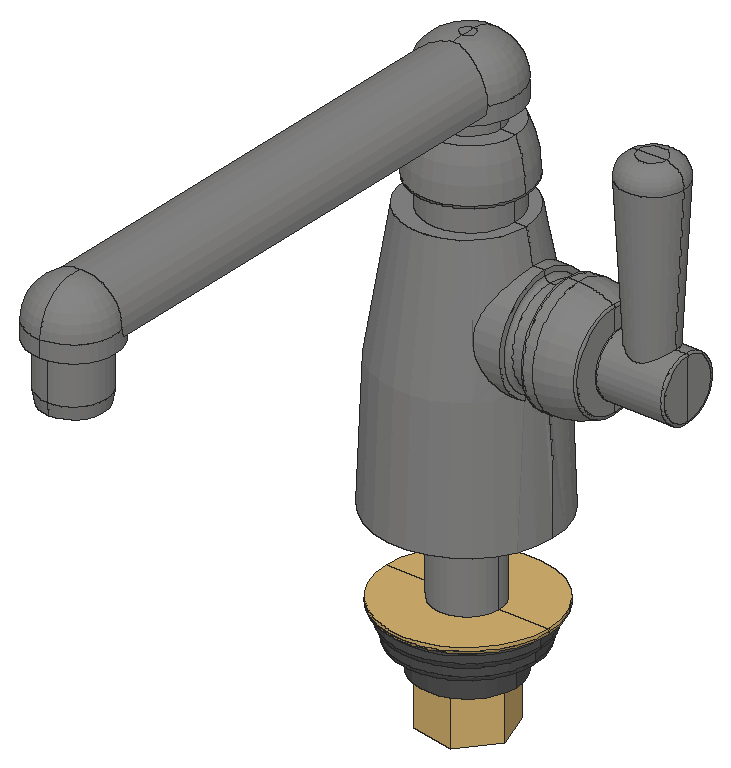
Revit family "Sanitary_Taps&Mixers_Zurn_Z825F1-XL", category Plumbing Fixtures, host Face, Revit 2022
Family settings
  Host = Face
  Round Connector Dimension = Use Radius
  Part Type = Normal
  OmniClass Number = 23.45.55.14
  OmniClass Title = Single Faucets
  Cut with Voids When Loaded = No
  Maintain Annotation Orientation = No
  Shared = No
  Room Calculation Point = No
Parameters (values of type "Z825F1-XL-22F (1.0 GPM LAMINAR OUTLET)")
  Width of Handle = 2 1/2"  # constant formula
  Water Sense Compliance = 1 = 0  # no
  Waste Connection = 1 = 0  # no
  WFU = 0  # constant formula
  Vent Connection = 1 = 0  # no
  URL = "http://www.zurn.com/"
  Types of Outlet = "LAMINAR"
  Spout Hight from Base = 4 7/8"  # constant formula
  Spout length = 6"  # constant formula
  Replacement parts URL = "https://files.zurn.com/care-cleaning-install-warranty-sheets/cf1531.pdf"
  Product data URL = "https://bimobject.com/zurnindustries/product/zurn-z825f1-xl"
  Product Page URL = "https://www.zurn.com/products/finish-plumbing/aquaspec-manual-faucets/manual-faucets/z825f1-xl"
  Product Installation Sheet URL = "https://files.zurn.com/care-cleaning-install-warranty-sheets/cf1531.pdf"
  Product Documentation Link = "https://files.zurn.com/spec-sheets/z825f1-xl.pdf"
  Modified Date = "08/18/2025"  # constant formula
  Model = "Z825F1-XL"  # constant formula
  Manufacturer Brand = "Zurn"  # constant formula
  Manufacturer = "Zurn Water, LLC"  # constant formula
  Main Material = Brass - Zurn - Polished Chrome-Finish
  Lead- Free Compliant = 1 = 1  # yes
  Inlet Connection Size (inch) = 1/2"  # constant formula
  HWFU = 0  # constant formula
  HW Connection = 1 = 0  # no
  Flow  Rate = 1 GPM
  Height from Spout Base to Areator = 3 1/4"  # constant formula
  Description = "Laboratory Faucet"  # constant formula
  Default Elevation = 34"  # constant formula
  Date Created = "08/18/2025"  # constant formula
  CWFU = 1  # constant formula
  CW Connection = 1 = 1  # yes
  Assembly Code = "D2010"
  ADA Compliance = 1 = 1  # yes
Types (9): name | Types of Outlet | Replacement parts URL | Flow  Rate
  (no name) | "LAMINAR" | "https://files.zurn.com/care-cleaning-install-warranty-sheets/cf1531.pdf" | 1 GPM
  Z825F1-XL-2F (2.2 GPM AERATOR OUTLET) | "AERATOR" | "https://files.zurn.com/care-cleaning-install-warranty-sheets/cf1531.pdf" | 2.2 GPM
  Z825F1-XL-3F (0.5 GPM SPRAY OUTLET) | "SPRAY" | "Replacement parts URL" | 0.5 GPM
  Z825F1-XL-4F (2.2 GPM LAMINAR OUTLET) | "LAMINAR" | "https://files.zurn.com/care-cleaning-install-warranty-sheets/cf1531.pdf" | 2.2 GPM
  Z825F1-XL-7F (1.0 GPM SPRAY OUTLET) | "SPRAY" | "https://files.zurn.com/care-cleaning-install-warranty-sheets/cf1531.pdf" | 1 GPM
  Z825F1-XL-16F (1.0 GPM SPRAY OUTLET) | "SPRAY" | "https://files.zurn.com/care-cleaning-install-warranty-sheets/cf1531.pdf" | 1 GPM
  Z825F1-XL-17F (1.5 GPM AERATOR OUTLET) | "AERATOR" | "https://files.zurn.com/care-cleaning-install-warranty-sheets/cf1531.pdf" | 1.5 GPM
  Z825F1-XL-18F (1.5 GPM LAMINAR OUTLET) | "LAMINAR" | "https://files.zurn.com/care-cleaning-install-warranty-sheets/cf1531.pdf" | 1.5 GPM
  Z825F1-XL-22F (1.0 GPM LAMINAR OUTLET) | "LAMINAR" | "https://files.zurn.com/care-cleaning-install-warranty-sheets/cf1531.pdf" | 1 GPM
Reference planes (in)
  plane 1 "Center (Front/Back)": y = 0
  plane 2: z = 0
  plane 3 "Center (Left/Right)": x = 0
  plane 4: y = -1.02589
  plane 5: y = -7.50132
  plane 6: x = -1.09521
  plane 7: x = 2.65935
Dimensions and locks (in)
  aligned and locked: plane 2 to host face
  aligned and locked: level to host face
  aligned and locked: plane 6 to nested 1
  aligned and locked: plane 7 to nested 1
Nested families (in)
  nested 1: "Z825F" at (0, -1.02602, 0), type "Z856F"
Connectors (in)
  piping at (0.00157, -1.02602, -2.3669), diameter 1, driven by "CW Connection", driven by "Flow  Rate", driven by "Inlet Connection Size (inch)"
    settings: on nested 1, index 1, connector inside diameter 609.6 mm, connector length 0", flow factor 0, pipe flow 1 GPM, pressure drop 0.0 Pa, fitting loss kfactor 0, connector angle 0.00°, fixture units 0, engagement length 0", angle of deflection 0.00°, flow configuration 0, flow direction 1, fitting loss method 0, system type 20, joint type 0, gender type 0, connector reference index -1, connector utility 1, adjustable connector no, is connector primary yes, connector description "Cold water inlet"
Definition of nested family "Z825F"
  Parameters (values of type "Z856F")
    Waste Connection = no
    Vent Connection = no
    Product Material = none
    HWFU = 0
    HW Connection = yes
    Diameter = 1/2"
    Default Elevation = 0"
    CWFU = 0
    CW Connection = yes
  Reference planes (in)
    plane 1 "Center (Front/Back)": y = 0
    plane 2: z = 0
    plane 3 "Center (Left/Right)": x = 0
    plane 4: y = 1.0247
    plane 5: x = 2.65935
    plane 6: x = -1.09521
    plane 7: y = -6.4753
  Forms (in)
    Revolve 1, solid, material <- "Product Material", detail levels fine
      sketch origin (0, 0, 0) x (1, 0, 0) y (0, 0, 1)
        loop
          line (0.37406, -1.14747) -> (0.82824, -1.14747) -> (0.82824, -1.0737) -> (0.37808, -1.0737) -> (0.37808, 0) -> (1.03134, 0)
          arc (1.03134, 0) -> (0.96886, 1.64576) -> (0.70778, 3.27187) r 13.59102
          line (0.70778, 3.27187) -> (-0.01563, 3.27187) -> (-0.01563, -0.32812) -> (-0.01563, -1.14582) -> (0.37808, -1.14582)
        axis (-0.01562, 3.27187) -> (-0.01562, -1.14747)
      angle from 0 to 360
    Revolve 2, solid, material <- "Product Material", detail levels fine
      sketch origin (-0.625, 0, -0.1875) x (1, 0, 0) y (0, 0, 1)
        loop
          line (1.55315, 1.70053) -> (1.55315, 1.76046)
          arc (1.55315, 1.76046) -> (1.57041, 1.80213) -> (1.61208, 1.81939) r 0.05893
          line (1.61208, 1.81939) -> (1.81215, 1.81939) -> (1.81215, 1.71631)
          arc (1.81215, 1.71631) -> (1.82286, 1.69046) -> (1.84871, 1.67975) r 0.03656
          line (1.84871, 1.67975) -> (1.96611, 1.67975)
          arc (1.96611, 1.67975) -> (2.18179, 1.70623) -> (2.38465, 1.78411) r 0.89152
          arc (2.38465, 1.78411) -> (2.39775, 1.79675) -> (2.40215, 1.81441) r 0.03301
          line (2.40215, 1.81441) -> (2.40215, 2.19428) -> (2.46065, 2.19428) -> (2.46065, 2.03199)
          arc (2.46065, 2.03199) -> (2.46929, 2.01112) -> (2.49016, 2.00248) r 0.02951
          line (2.49016, 2.00248) -> (3.26561, 2.00248)
          arc (3.26561, 2.00248) -> (3.28331, 2.00981) -> (3.29065, 2.02752) r 0.02504
          line (3.29065, 2.02752) -> (3.29065, 2.38113) -> (2.40215, 2.38113) -> (1.16532, 2.38113) -> (1.16532, 1.70053) -> (1.55315, 1.70053)
        axis (1.16532, 2.38113) -> (3.29065, 2.38113)
      angle from 0 to 360
    Revolve 3, solid, material <- "Product Material"
      sketch origin (5.1023, 0, -0.17188) x (1, 0, 0) y (0, 0, 1)
        loop
          line (-2.86728, 4.51001) -> (-3.24435, 4.51001) -> (-3.13604, 2.62921) -> (-2.86728, 2.62921) -> (-2.86728, 4.51001)
        axis (-2.86728, 4.51001) -> (-2.86728, 2.62921)
      angle from 0 to 360
    Revolve 4, solid, material <- "Product Material"
      sketch origin (5.10438, 0, -0.17188) x (1, 0, 0) y (0, 0, 1)
        loop
          line (-2.86728, 4.75854) -> (-3.03581, 4.75854)
          arc (-3.03581, 4.75854) -> (-3.19254, 4.67829) -> (-3.24435, 4.51001) r 0.22638
          line (-3.24435, 4.51001) -> (-2.86728, 4.51001) -> (-2.86728, 4.75854)
        axis (-2.86728, 4.75854) -> (-2.86728, 4.51001)
      angle from 0 to 360
    Extrusion 5, solid, material <- "Product Material"
      sketch origin (0, 0, -0.11719) x (1, 0, 0) y (0, 0, 1)
        loop
          line (-0.4745, 4.66543) -> (0.48079, 4.66543)
          arc (0.48079, 4.66543) -> (0.00315, 5.24148) -> (-0.4745, 4.66543) r 0.48605
      from 0 to 6.00125
    Revolve 6, solid, material <- "Product Material"
      sketch origin (0, 0, -0.09766) x (0, 1, 0) y (0, 0, 1)
        loop
          line (0, 5.23758) -> (0, 4.75534) -> (0, 4.54153) -> (0.58605, 4.54153) -> (0.58605, 4.74238)
          arc (0.58605, 4.74238) -> (0.44101, 5.09254) -> (0.09085, 5.23758) r 0.4952
          line (0.09085, 5.23758) -> (0, 5.23758)
        axis (0, 5.23758) -> (0, 4.54153)
      angle from 0 to 360
    Revolve 7, solid, material <- "Product Material"
      sketch origin (0, -5.97035, -0.10156) x (0, 1, 0) y (0, 0, 1)
        loop
          line (0.38467, 4.54543) -> (0.4962, 4.54543) -> (0.4962, 4.74628)
          arc (0.4962, 4.74628) -> (0.34739, 5.10018) -> (-0.00962, 5.24137) r 0.4952
          line (-0.00962, 5.24137) -> (-0.00962, 3.85743) -> (0.35801, 3.85743) -> (0.38467, 4.00858) -> (0.38467, 4.54543)
        axis (-0.00962, 3.85743) -> (-0.00962, 5.24137)
      angle from 0 to 360
    Extrusion 8, solid, detail levels fine
      sketch origin (-0.0637, 0, -0.29769) x (1, 0, 0) y (0, 1, 0)
        loop
          line (-0.11256, 0.48861) -> (-0.44679, 0.09029) -> (-0.26895, -0.39832) -> (0.24312, -0.48861) -> (0.57735, -0.09029) -> (0.39951, 0.39832) -> (-0.11256, 0.48861)
      from -2.06922 to -1.47867
    Revolve 9, solid, material <- "Product Material", detail levels coarse+medium
      sketch origin (-0.625, 0, -0.1875) x (1, 0, 0) y (0, 0, 1)
        loop
          line (3.28435, 2.37254) -> (3.28435, 2.74751) -> (2.39648, 2.74751) -> (2.39648, 3.06173) -> (1.54648, 3.06173) -> (0.73265, 3.06173) -> (0.62915, 3.06173) -> (0.62915, 2.37254) -> (3.28435, 2.37254)
        axis (0.62915, 2.37254) -> (3.28435, 2.37254)
      angle from 0 to 360
    Revolve 10, solid, material <- "Product Material", detail levels coarse+medium
      sketch origin (0, 0, 0) x (1, 0, 0) y (0, 0, 1)
        loop
          line (0, 4.21731) -> (0, 0) -> (0.54032, 0) -> (1.00311, 0) -> (1.00311, 3.27187) -> (0.70312, 3.27187) -> (0.70312, 4.21731) -> (0.3968, 4.21731) -> (0.3968, 4.44387) -> (0, 4.44387) -> (0, 4.21731)
        axis (0, 4.44387) -> (0, 0)
      angle from 0 to 360
    Revolve 11, solid, material <- "Product Material", detail levels coarse+medium
      sketch origin (-0.0123, 0, 0) x (1, 0, 0) y (0, 0, 1)
        loop
          line (0, 0) -> (0, -2.36772) -> (0.3937, -2.36772) -> (0.3937, 0) -> (0, 0)
        axis (0, 0) -> (0, -2.36772)
      angle from 0 to 360
    Revolve 12, solid, detail levels fine
      sketch origin (0, 0, 0.09843) x (1, 0, 0) y (0, 0, 1)
        loop
          line (0, -1.095) -> (0, -1.175) -> (0.94614, -1.175)
          arc (0.94614, -1.175) -> (0.97265, -1.16402) -> (0.98363, -1.1375) r 0.0375
          line (0.98363, -1.1375) -> (0.98363, -1.095) -> (0, -1.095)
        axis (0, -1.095) -> (0, -1.175)
      angle from 0 to 360
    Revolve 13, solid, material <- "Product Material", detail levels fine
      sketch origin (0, 0, 0) x (1, 0, 0) y (0, 0, 1)
        loop
          line (0.58357, 4.21997) -> (0.3968, 4.21997) -> (0.3968, 4.44387) -> (0.03125, 4.44387) -> (0.03125, 4.21997) -> (0.03125, 3.37188) -> (0.03125, 3.27187) -> (0.57367, 3.27187) -> (0.57367, 3.59475) -> (0.6709, 3.59475)
          arc (0.6709, 3.59475) -> (0.69465, 3.60452) -> (0.70467, 3.62817) r 0.03377
          arc (0.70467, 3.62817) -> (0.67568, 3.93052) -> (0.58357, 4.21997) r 1.43212
        axis (0.03125, 4.44387) -> (0.03125, 3.27187)
      angle from 0 to 360
    Revolve 14, solid, detail levels fine
      sketch origin (-6.54528, 0, 0) x (1, 0, 0) y (0, 0, 1)
        loop
          line (6.56371, -1.14747) -> (6.56371, -1.77635) -> (7.132, -1.77635) -> (7.132, -1.47412) -> (7.29857, -1.47412)
          arc (7.29857, -1.47412) -> (7.34802, -1.45363) -> (7.36851, -1.40418) r 0.06994
          line (7.36851, -1.40418) -> (7.36851, -1.30397)
          arc (7.36851, -1.30397) -> (7.40891, -1.27596) -> (7.42631, -1.22998) r 0.08281
          line (7.42631, -1.22998) -> (7.42631, -1.14747) -> (6.56371, -1.14747)
        axis (6.5391, -1.14747) -> (6.5391, -1.77635)
      angle from 0 to 360
  Cuts and joins
    joined: Revolve 1, Revolve 2
  Lines and regions (in)
    Masking region 1
      outline origin (0, 0, 0) x (1, 0, 0) y (0, 1, 0)
        loop
          line (1.77148, -0.68919) -> (1.77148, -0.37497) -> (2.65935, -0.37497) -> (2.65935, 0.38244) -> (1.77148, 0.38244) -> (1.77148, 0.68919) -> (0.72887, 0.68919)
          arc (0.72887, 0.68919) -> (-0.37088, 0.93204) -> (-1.00311, 0) r 1.00311
          arc (-1.00311, 0) -> (-0.86184, -0.5133) -> (-0.4778, -0.88201) r 1.00311
          line (-0.4778, -0.88201) -> (-0.4778, -6.17318)
          arc (-0.4778, -6.17318) -> (0.00658, -6.48495) -> (0.49095, -6.17318) r 0.53216
          line (0.49095, -6.17318) -> (0.49095, -0.85685)
          arc (0.49095, -0.85685) -> (0.61784, -0.78801) -> (0.72309, -0.68919) r 0.56374
          line (0.72309, -0.68919) -> (1.77148, -0.68919)
    symbolic lines
      curve 1: line (-0.4778, -0.88201, 0) -> (-0.4778, 0, 0)
      curve 2: line (0.49095, -0.87476, 0) -> (0.49095, 0, 0)
      curve 3: arc (0.49095, 0, 0) -> (0.00658, 0.48438, 0) -> (-0.4778, 0, 0) r 0.48438
      curve 7: arc (0.49095, -0.50334, 0) -> (0.27312, 0.64791, 0) -> (-0.70312, 0, 0) r 0.70312
      curve 8: arc (-0.70312, 0, 0) -> (-0.64434, -0.28145, 0) -> (-0.4778, -0.51584, 0) r 0.70312
      curve 9: arc (2.40562, 0, 0) -> (2.2371, 0.16853, 0) -> (2.06857, 0, 0) r 0.16853
      curve 10: arc (2.06857, 0, 0) -> (2.2371, -0.16853, 0) -> (2.40562, 0, 0) r 0.16853
      curve 11: arc (2.61417, 0, 0) -> (2.2371, 0.37707, 0) -> (1.86002, 0, 0) r 0.37707
      curve 12: arc (1.86002, 0, 0) -> (2.2371, -0.37707, 0) -> (2.61417, 0, 0) r 0.37707
    symbolic lines, detail levels fine
      curve 4: line (-0.4778, -0.93943, 0) -> (-0.4778, -0.80658, 0)
      curve 13: line (0.49095, -0.80245, 0) -> (0.49095, -0.91625, 0)
      curve 14: line (0, 0.38585, -1) -> (0, -0.39246, -1)
      curve 15: line (0, 0.84386, -1.07678) -> (0, -0.84386, -1.07678)
      curve 16: line (0, 0.84386, -1.14747) -> (0, -0.84386, -1.14747)
      curve 17: line (0, 0.8294, -1.30397) -> (0, -0.8294, -1.30397)
      curve 18: line (0, -0.5929, -1.47412) -> (0, 0.5929, -1.47412)
      curve 19: line (0, 0.53415, -1.77635) -> (0, -0.53415, -1.77635)
      curve 23: line (0, 0.54363, 3.59201) -> (0, 0.32645, 3.59201)
      curve 24: line (0, -0.54363, 3.59201) -> (0, -0.32645, 3.59201)
    symbolic lines, detail levels medium+fine
      curve 5: line (0, 0.54032, 0) -> (0, -0.54032, 0)
      curve 6: line (0, -5.5935, 3.90702) -> (0, -6.3721, 3.90702)
      curve 20: line (0, 0.41454, 4.21731) -> (0, 0.36093, 4.21731)
      curve 21: line (0, 0.70312, 3.27187) -> (0, 0.3088, 3.27187)
      curve 22: line (0, -0.70313, 3.27187) -> (0, -0.3088, 3.27187)
      curve 25: line (0, -0.41219, 4.21997) -> (0, -0.36108, 4.21997)
      curve 26: line (0, 0.41454, 4.4473) -> (0, 0.37362, 4.4473)
      curve 27: line (0, -5.58883, 4.44387) -> (0, -6.37623, 4.44387)
      curve 28: line (0, -5.44233, 4.56701) -> (0, -6.48579, 4.56701)
      curve 29: line (0, -0.41219, 4.4473) -> (0, -0.37362, 4.4473)
  Dimensions and locks (in)
    Revolve 11 sketch curve to Revolve 11 sketch curve = 0.3937"
    aligned and locked: level to plane 2
